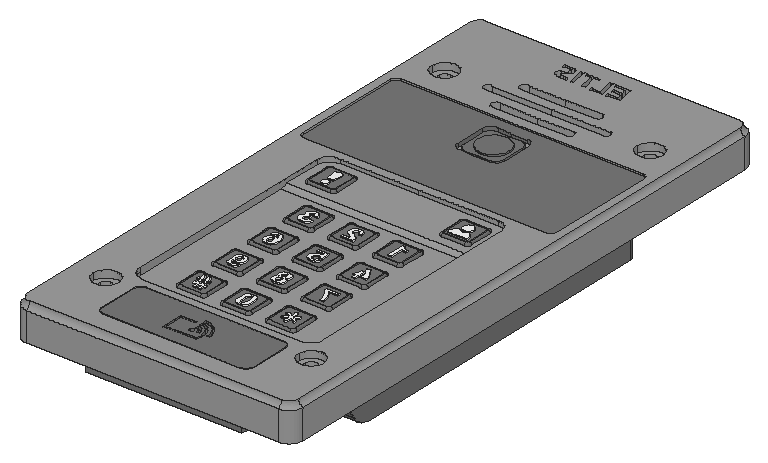
Revit family "Блок вызова_DP7000ipHybrid-KEDC", category Устройства вызова и оповещения, Revit 2019 (continued)
Definition of nested family "_5000"
  Forms (mm)
    Sweep 57, solid, material <- "Черый цвет", detail levels fine
      path origin (50.09, 25.233, 0) x (1, 0, 0) y (0, 1, 0)
        loop
          line (-25.71, -35.019) -> (-25.71, -45.717)
          arc (-25.71, -45.717) -> (-25.549, -46.107) -> (-25.158, -46.269) r 0.552
          line (-25.158, -46.269) -> (-14.785, -46.269)
          arc (-14.785, -46.269) -> (-14.361, -46.093) -> (-14.185, -45.669) r 0.6
          line (-14.185, -45.669) -> (-14.185, -35.067)
          arc (-14.185, -35.067) -> (-14.361, -34.643) -> (-14.785, -34.467) r 0.6
          line (-14.785, -34.467) -> (-25.158, -34.467)
          arc (-25.158, -34.467) -> (-25.549, -34.629) -> (-25.71, -35.019) r 0.552
      profile origin (24.38, -15.135, 0) x (1, 0, 0) y (0, 0, 1)
        loop
          arc (0, 14.969) -> (-0.685, 14.685) -> (-0.969, 14) r 0.969
          line (-0.969, 14) -> (0, 14) -> (0, 14.969)
    Extrusion 58, solid, material <- "Серый цвет", detail levels coarse
      sketch origin (0, 0, 0) x (1, 0, 0) y (0, 1, 0)
        loop
          line (-62.5, -153) -> (62.5, -153) -> (62.5, 107) -> (-62.5, 107) -> (-62.5, -153)
      from -22.406 to 16
  Cuts and joins
    Extrusion 3, Extrusion 4, Extrusion 5, Extrusion 6, Extrusion 7, Extrusion 8, Extrusion 9, Sweep 10, Extrusion 11, Extrusion 14 cuts Extrusion 2
    Extrusion 14 cuts Extrusion 13
    Extrusion 35 cuts Extrusion 20
    joined: Extrusion 19, Extrusion 20, Extrusion 21, Extrusion 22, Extrusion 38
    Extrusion 25, Extrusion 26, Extrusion 27, Extrusion 28, Extrusion 29, Extrusion 30, Extrusion 31, Extrusion 32, Extrusion 33 cuts Extrusion 24
  Lines and regions (mm)
    sketch lines
      curve 1: line (-62.5, 100.975, 16) -> (-62.5, -146.952, 16)
      curve 2: arc (-56.452, -153, 16) -> (-60.728, -151.228, 16) -> (-62.5, -146.952, 16) r 6.048
      curve 3: line (-56.452, -153, 16) -> (56.531, -153, 16)
      curve 4: arc (62.5, -147.031, 16) -> (60.752, -151.252, 16) -> (56.531, -153, 16) r 5.969
      curve 5: line (62.5, -147.031, 16) -> (62.5, 101.045, 16)
      curve 6: arc (56.545, 107, 16) -> (60.756, 105.256, 16) -> (62.5, 101.045, 16) r 5.955
      curve 7: line (56.545, 107, 16) -> (-56.475, 107, 16)
      curve 8: arc (-62.5, 100.975, 16) -> (-60.735, 105.235, 16) -> (-56.475, 107, 16) r 6.025
  Dimensions and locks
    aligned and locked: plane 2 to Extrusion 1
    aligned and locked: level to Extrusion 1
